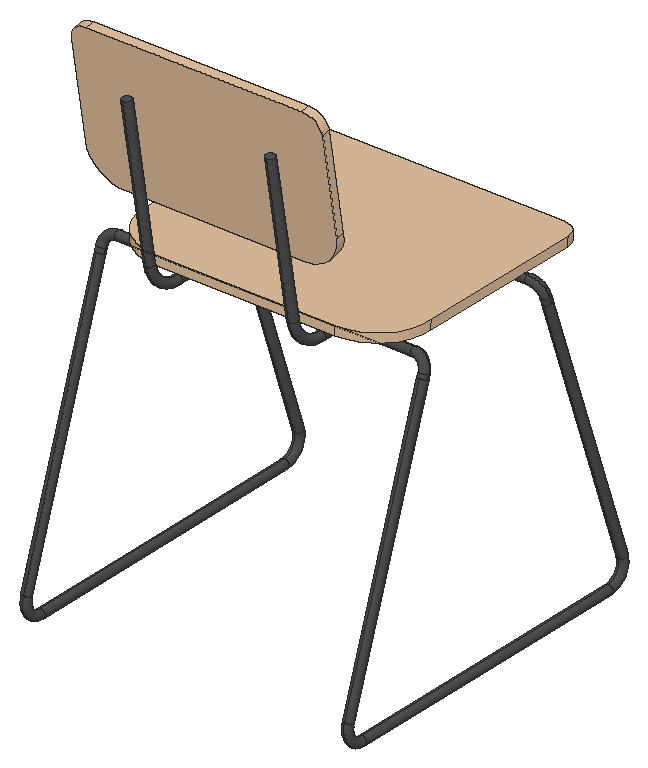
Revit family "M_Cadeira-Empilhar", category Mobiliário, Revit 2019
Family settings
  Número OmniClass = 23.40.20.14.14.11
  Título OmniClass = Chairs
  ID de item do Seek = Chair-Stacking-0000-CAN-ENU
  Com base no plano de trabalho = Não
  Sempre na vertical = Sim
  Corte com vazios quando carregada = Não
  Compartilhado = Sim
  Ponto de cálculo do ambiente = Não
Parameters
  Assento/Material preto = Cerejeira
Reference planes
  plane 1 "Centro (Frente/Trás)": y = 108.931
  plane 2: z = 0
  plane 3 "Centro (Esquerda/Direita)": x = -179.049
  plane 4: x = 49.551
  plane 5: x = -407.649
  plane 6: y = 7.331
  plane 7: y = 362.931
  plane 8: y = -145.069
  plane 9: y = 210.531
  plane 10: z = 781.05
  plane 11: z = 450.5
  plane 12: z = 419.1
  plane 13: y = -1.503
  plane 14: y = 219.263
  plane 15: through (0, -129.809, 44.506) normal (0, -0.9459, 0.3243)
  plane 16: through (0, 324.756, 111.345) normal (0, -0.9459, -0.3243)
  plane 17: z = 419.1
  plane 18: y = 219.263
  plane 19: y = -1.4
  plane 20: through (0, 17.507, 3.087) normal (0, -0.9848, -0.1736)
  plane 21 "Assento": z = 463.2
  plane 22: x = -77.449
  plane 23: x = -280.649
  plane 24: z = 704.85
  plane 25: z = 704.85
Forms (mm)
  Sweep 1, solid, material "Aço, Cromo polido"
    path origin (49.551, 0, 0) x (0, -1, 0) y (0, 0, 1)
      loop
        line (-219.263, 419.1) -> (-351.192, 40.1)
        arc (-351.192, 40.1) -> (-347.907, 17.035) -> (-327.204, 6.35) r 25.4
        line (-327.204, 6.35) -> (109.341, 6.35)
        arc (109.341, 6.35) -> (130.043, 17.032) -> (133.331, 40.094) r 25.4
        line (133.331, 40.094) -> (1.503, 419.1)
    profile origin (49.551, 108.931, 0) x (0, 0, 1) y (-1, 0, 0)
      loop
        circle (6.35, 0) r 6.35
  Sweep 2, solid, material "Aço, Cromo polido"
    path origin (-407.649, 0, 0) x (0, -1, 0) y (0, 0, 1)
      loop
        line (-219.242, 419.093) -> (-349.221, 39.988)
        arc (-349.221, 39.988) -> (-345.863, 16.987) -> (-325.194, 6.35) r 25.4
        line (-325.194, 6.35) -> (107.331, 6.35)
        arc (107.331, 6.35) -> (128, 16.987) -> (131.358, 39.988) r 25.4
        line (131.358, 39.988) -> (1.4, 419.034)
    profile origin (-407.649, 108.931, 0) x (0, 0, 1) y (-1, 0, 0)
      loop
        circle (6.35, 0) r 6.35
  Sweep 3, solid, material "Aço, Cromo polido"
    path origin (0, -129.809, 44.506) x (0, -0.324324, -0.945946) y (1, 0, 0)
      loop
        line (-395.987, 49.551) -> (-402.695, 49.551)
        arc (-402.695, 49.551) -> (-416.165, 43.971) -> (-421.745, 30.501) r 19.05
        line (-421.745, 30.501) -> (-421.745, -388.599)
        arc (-421.745, -388.599) -> (-416.165, -402.07) -> (-402.695, -407.649) r 19.05
        line (-402.695, -407.649) -> (-395.929, -407.649)
    profile origin (-179.049, -129.809, 44.506) x (0, -0.324324, -0.945946) y (0, -0.945946, 0.324324)
      loop
        circle (-421.745, 0) r 6.35
  Sweep 4, solid, material "Aço, Cromo polido"
    path origin (0, 324.756, 111.345) x (0, 0.324324, -0.945946) y (1, 0, 0)
      loop
        line (-325.363, 49.551) -> (-334.401, 49.551)
        arc (-334.401, 49.551) -> (-347.871, 43.971) -> (-353.451, 30.501) r 19.05
        line (-353.451, 30.501) -> (-353.451, -382.249)
        arc (-353.451, -382.249) -> (-346.011, -400.21) -> (-328.051, -407.649) r 25.4
        line (-328.051, -407.649) -> (-325.334, -407.649)
    profile origin (-175.874, 324.756, 111.345) x (0, 0.324324, -0.945946) y (0, -0.945946, -0.324324)
      loop
        circle (-353.451, 0) r 6.35
  Extrusion 5, solid, material "Cerejeira" <- "Assento/Material preto"
    sketch origin (0, 17.507, 3.087) x (0, 0.173648, -0.984808) y (1, 0, 0)
      loop
        arc (-791.603, -331.449) -> (-784.164, -349.41) -> (-766.203, -356.849) r 25.4
        line (-766.203, -356.849) -> (-623.302, -356.849)
        arc (-623.302, -356.849) -> (-587.381, -341.97) -> (-572.502, -306.049) r 50.8
        line (-572.502, -306.049) -> (-572.502, -52.049)
        arc (-572.502, -52.049) -> (-587.381, -16.128) -> (-623.302, -1.249) r 50.8
        line (-623.302, -1.249) -> (-766.203, -1.249)
        arc (-766.203, -1.249) -> (-784.164, -8.689) -> (-791.603, -26.649) r 25.4
        line (-791.603, -26.649) -> (-791.603, -331.449)
    from 0 to -12
  Extrusion 6, solid, material "Cerejeira" <- "Assento/Material preto"
    sketch origin (0, 0, 463.2) x (1, 0, 0) y (0, 1, 0)
      loop
        arc (-356.849, 312.131) -> (-374.81, 304.692) -> (-382.249, 286.731) r 25.4
        line (-382.249, 286.731) -> (-382.249, 45.431)
        arc (-382.249, 45.431) -> (-359.931, -8.45) -> (-306.049, -30.769) r 76.2
        line (-306.049, -30.769) -> (-52.049, -30.769)
        arc (-52.049, -30.769) -> (1.832, -8.45) -> (24.151, 45.431) r 76.2
        line (24.151, 45.431) -> (24.151, 286.731)
        arc (24.151, 286.731) -> (16.711, 304.692) -> (-1.249, 312.131) r 25.4
        line (-1.249, 312.131) -> (-356.849, 312.131)
    from -12.7 to 0
  Sweep 7, solid, material "Aço, Cromo polido"
    path origin (-77.449, 0, 0) x (0, -1, 0) y (0, 0, 1)
      loop
        line (-213.266, 438.15) -> (23.028, 438.15)
        arc (23.028, 438.15) -> (55.681, 450.035) -> (73.056, 480.129) r 50.8
        line (73.056, 480.129) -> (112.68, 704.85)
    profile origin (-77.449, 95.119, 0) x (0, 0, 1) y (-1, 0, 0)
      loop
        circle (438.15, 0) r 6.35
  Sweep 8, solid, material "Aço, Cromo polido"
    path origin (-280.649, 0, 0) x (0, -1, 0) y (0, 0, 1)
      loop
        line (-213.266, 438.15) -> (23.028, 438.15)
        arc (23.028, 438.15) -> (55.681, 450.035) -> (73.056, 480.129) r 50.8
        line (73.056, 480.129) -> (112.975, 706.519)
    profile origin (-280.649, 95.119, 0) x (0, 0, 1) y (-1, 0, 0)
      loop
        circle (438.15, 0) r 6.35
Lines and regions (mm)
  Masking region 1
    outline origin (0, 0, 463.2) x (1, 0, 0) y (0, 1, 0)
      loop
        line (-382.249, 286.731) -> (-382.249, 218.361) -> (-401.299, 218.361) -> (-401.299, 353.381) -> (-416.585, 353.381) -> (-416.585, -134.467) -> (-401.299, -134.467) -> (-401.299, 45.431) -> (-382.249, 45.431)
        arc (-382.249, 45.431) -> (-359.931, -8.45) -> (-306.049, -30.769) r 76.2
        line (-306.049, -30.769) -> (-286.912, -30.769) -> (-286.912, -71.448) -> (-344.149, -71.448)
        arc (-344.149, -71.448) -> (-353.129, -75.168) -> (-356.849, -84.148) r 12.7
        line (-356.849, -84.148) -> (-356.849, -113.588)
        arc (-356.849, -113.588) -> (-353.129, -122.569) -> (-344.149, -126.288) r 12.7
        line (-344.149, -126.288) -> (-13.949, -126.288)
        arc (-13.949, -126.288) -> (-4.969, -122.569) -> (-1.249, -113.588) r 12.7
        line (-1.249, -113.588) -> (-1.249, -84.148)
        arc (-1.249, -84.148) -> (-4.969, -75.168) -> (-13.949, -71.448) r 12.7
        line (-13.949, -71.448) -> (-71.078, -71.448) -> (-71.078, -30.769) -> (-52.049, -30.769)
        arc (-52.049, -30.769) -> (1.832, -8.45) -> (24.151, 45.431) r 76.2
        line (24.151, 45.431) -> (43.201, 45.431) -> (43.201, -134.467) -> (58.591, -134.467) -> (58.591, 353.381) -> (43.201, 353.381) -> (43.201, 219.233) -> (24.151, 219.233) -> (24.151, 286.731)
        arc (24.151, 286.731) -> (16.711, 304.692) -> (-1.249, 312.131) r 25.4
        line (-1.249, 312.131) -> (-356.849, 312.131)
        arc (-356.849, 312.131) -> (-374.81, 304.692) -> (-382.249, 286.731) r 25.4
      loop
        line (-274.192, -30.769) -> (-274.192, -71.448) -> (-83.822, -71.448) -> (-83.822, -30.769) -> (-274.192, -30.769)
      loop
        line (-382.249, 203.325) -> (-401.299, 203.325) -> (-401.299, 62.444) -> (-382.249, 62.444) -> (-382.249, 203.325)
      loop
        line (24.151, 62.444) -> (43.201, 62.444) -> (43.201, 203.325) -> (24.151, 203.325) -> (24.151, 62.444)
  symbolic lines
    curve 1: line (-356.849, 312.131, 463.2) -> (-1.249, 312.131, 463.2)
    curve 2: line (-382.249, 286.731, 463.2) -> (-382.249, 45.431, 463.2)
    curve 3: line (-306.049, -30.769, 463.2) -> (-52.049, -30.769, 463.2)
    curve 4: line (24.151, 286.731, 463.2) -> (24.151, 45.431, 463.2)
    curve 5: arc (-356.849, 312.131, 463.2) -> (-374.81, 304.692, 463.2) -> (-382.249, 286.731, 463.2) r 25.4
    curve 6: arc (-1.249, 312.131, 463.2) -> (16.711, 304.692, 463.2) -> (24.151, 286.731, 463.2) r 25.4
    curve 7: arc (24.151, 45.431, 463.2) -> (1.832, -8.45, 463.2) -> (-52.049, -30.769, 463.2) r 76.2
    curve 8: arc (-306.049, -30.769, 463.2) -> (-359.931, -8.45, 463.2) -> (-382.249, 45.431, 463.2) r 76.2
    curve 9: line (-344.149, -71.448, 463.2) -> (-13.949, -71.448, 463.2)
    curve 10: line (-356.849, -84.148, 463.2) -> (-356.849, -113.588, 463.2)
    curve 11: line (-344.149, -126.288, 463.2) -> (-13.949, -126.288, 463.2)
    curve 12: line (-1.249, -84.148, 463.2) -> (-1.249, -113.588, 463.2)
    curve 13: arc (-344.149, -71.448, 463.2) -> (-353.129, -75.168, 463.2) -> (-356.849, -84.148, 463.2) r 12.7
    curve 14: arc (-344.149, -126.288, 463.2) -> (-353.129, -122.569, 463.2) -> (-356.849, -113.588, 463.2) r 12.7
    curve 15: arc (-13.949, -71.448, 463.2) -> (-4.969, -75.168, 463.2) -> (-1.249, -84.148, 463.2) r 12.7
    curve 16: arc (-1.249, -113.588, 463.2) -> (-4.969, -122.569, 463.2) -> (-13.949, -126.288, 463.2) r 12.7
    curve 17: line (-286.912, -30.769, 463.2) -> (-274.192, -30.769, 463.2)
    curve 18: line (-286.912, -30.769, 463.2) -> (-286.912, -71.448, 463.2)
    curve 19: line (-274.192, -30.769, 463.2) -> (-274.192, -71.448, 463.2)
    curve 20: line (-71.078, -30.769, 463.2) -> (-83.822, -30.769, 463.2)
    curve 21: line (-71.078, -30.769, 463.2) -> (-71.078, -71.448, 463.2)
    curve 22: line (-83.822, -30.769, 463.2) -> (-83.822, -71.448, 463.2)
    curve 23: line (-382.249, 203.325, 463.2) -> (-401.299, 203.325, 463.2)
    curve 24: line (-382.249, 203.325, 463.2) -> (-382.249, 218.361, 463.2)
    curve 25: line (-382.249, 218.361, 463.2) -> (-401.299, 218.361, 463.2)
    curve 26: line (-401.299, 203.325, 463.2) -> (-401.299, 218.361, 463.2)
    curve 27: line (24.151, 203.325, 463.2) -> (43.201, 203.325, 463.2)
    curve 28: line (24.151, 203.325, 463.2) -> (24.151, 219.233, 463.2)
    curve 29: line (24.151, 219.233, 463.2) -> (43.201, 219.233, 463.2)
    curve 30: line (43.201, 203.325, 463.2) -> (43.201, 219.233, 463.2)
    curve 31: line (-382.249, 45.431, 463.2) -> (-401.299, 45.431, 463.2)
    curve 32: line (-382.249, 45.431, 463.2) -> (-382.249, 62.444, 463.2)
    curve 33: line (-382.249, 62.444, 463.2) -> (-401.299, 62.444, 463.2)
    curve 34: line (-401.299, 45.431, 463.2) -> (-401.299, 62.444, 463.2)
    curve 35: line (24.151, 45.431, 463.2) -> (43.201, 45.431, 463.2)
    curve 36: line (24.151, 45.431, 463.2) -> (24.151, 62.444, 463.2)
    curve 37: line (24.151, 62.444, 463.2) -> (43.201, 62.444, 463.2)
    curve 38: line (43.201, 45.431, 463.2) -> (43.201, 62.444, 463.2)
    curve 39: line (-416.585, -134.467, 463.2) -> (-401.299, -134.467, 463.2)
    curve 40: line (-416.585, 353.381, 463.2) -> (-416.585, -134.467, 463.2)
    curve 41: line (-401.299, 353.381, 463.2) -> (-416.585, 353.381, 463.2)
    curve 42: line (-401.299, -134.467, 463.2) -> (-401.299, 353.381, 463.2)
    curve 43: line (58.591, -134.467, 463.2) -> (43.201, -134.467, 463.2)
    curve 44: line (58.591, 353.381, 463.2) -> (58.591, -134.467, 463.2)
    curve 45: line (43.201, 353.381, 463.2) -> (58.591, 353.381, 463.2)
    curve 46: line (43.201, -134.467, 463.2) -> (43.201, 353.381, 463.2)
Dimensions and locks
  equal spacing: plane 5, plane 3 "Centro (Esquerda/Direita)", plane 4
  locked: plane 5 to plane 4 at 457.2
  equal spacing: plane 8, plane 1 "Centro (Frente/Trás)", plane 7
  locked: plane 8 to plane 7 at 508
Automatic sketch dimensions
  Masking region 1 sketch curve to Masking region 1 sketch curve = 25.40 mm
  plane 4 to Masking region 1 sketch curve = 50.80 mm
  plane 7 to Masking region 1 sketch curve = 76.20 mm
  plane 23 to Masking region 1 sketch curve = 25.40 mm
  Masking region 1 sketch curve to plane 22 = 25.40 mm
  plane 5 to curve 40 = 8.936 mm
  curve 23 to plane 5 = 6.35 mm
  curve 42 to plane 5 = 6.35 mm
  curve 33 to plane 5 = 6.35 mm
  curve 25 to plane 9 = 7.83 mm
  curve 25 to curve 25 = 19.05 mm
  curve 31 to curve 8 = 19.05 mm
  curve 2 to curve 5 = 25.40 mm
  curve 13 to plane 5 = 50.80 mm
  curve 14 to curve 14 = 12.70 mm
  curve 13 to curve 9 = 12.70 mm
  plane 23 to curve 8 = 25.40 mm
  plane 23 to curve 18 = 6.263 mm
  curve 19 to plane 23 = 6.457 mm
  plane 22 to curve 22 = 6.373 mm
  curve 21 to plane 22 = 6.371 mm
  curve 20 to curve 7 = 19.029 mm
  curve 3 to curve 15 = 38.10 mm
  curve 11 to plane 8 = 18.78 mm
  curve 11 to curve 15 = 0.00 mm
  plane 4 to curve 6 = 50.80 mm
  curve 15 to curve 12 = 12.70 mm
  plane 4 to curve 4 = 25.40 mm
  curve 29 to plane 9 = 8.701 mm
  plane 4 to curve 29 = 25.40 mm
  plane 4 to curve 38 = 6.35 mm
  plane 4 to curve 30 = 6.35 mm
  plane 4 to curve 46 = 6.35 mm
  curve 45 to plane 4 = 9.04 mm
  curve 46 to plane 8 = 10.601 mm
  curve 40 to plane 8 = 10.601 mm
  curve 10 to curve 13 = 29.44 mm
  plane 6 to curve 3 = 38.10 mm
  curve 19 to curve 3 = 0.00 mm
  curve 20 to curve 3 = 0.00 mm
  curve 35 to curve 38 = 17.013 mm
  curve 2 to curve 33 = 17.013 mm
  plane 9 to curve 23 = 7.206 mm
  plane 9 to curve 27 = 7.206 mm
  curve 28 to curve 6 = 67.499 mm
  plane 7 to curve 41 = 9.551 mm
  plane 7 to curve 45 = 9.551 mm
  Masking region 1 sketch curve to plane 5 = 50.80 mm
  Masking region 1 sketch curve to Masking region 1 sketch curve = 12.70 mm  (x3)
  Masking region 1 sketch curve to Masking region 1 sketch curve = 38.10 mm
  Masking region 1 sketch curve to plane 8 = 18.78 mm
  Masking region 1 sketch curve to Masking region 1 sketch curve = 0.00 mm  (x6)
  Masking region 1 sketch curve to Masking region 1 sketch curve = 29.44 mm  (x2)
  plane 23 to Masking region 1 sketch curve = 6.263 mm
  Masking region 1 sketch curve to plane 23 = 6.457 mm
  plane 22 to Masking region 1 sketch curve = 6.373 mm
  Masking region 1 sketch curve to plane 22 = 6.371 mm
  plane 6 to Masking region 1 sketch curve = 38.10 mm
  Masking region 1 sketch curve to plane 5 = 6.35 mm  (x3)
  plane 5 to Masking region 1 sketch curve = 8.936 mm
  Masking region 1 sketch curve to plane 8 = 10.601 mm  (x2)
  plane 7 to Masking region 1 sketch curve = 9.551 mm  (x2)
  Masking region 1 sketch curve to plane 9 = 7.83 mm
  Masking region 1 sketch curve to Masking region 1 sketch curve = 19.05 mm  (x3)
  plane 9 to Masking region 1 sketch curve = 7.206 mm  (x2)
  Masking region 1 sketch curve to Masking region 1 sketch curve = 17.013 mm  (x2)
  Masking region 1 sketch curve to plane 4 = 9.04 mm
  plane 4 to Masking region 1 sketch curve = 6.35 mm  (x3)
  Masking region 1 sketch curve to plane 9 = 8.701 mm
  plane 4 to Masking region 1 sketch curve = 25.40 mm
